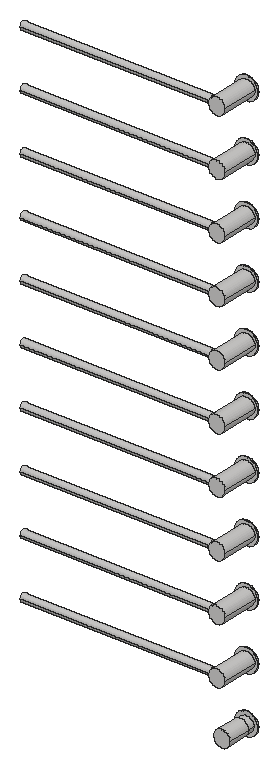
Revit family "T39EL", category Generic Models, Revit 2021
Family settings
  Can host rebar = No
  Round Connector Dimension = Use Diameter
  Part Type = Normal
  Work Plane-Based = No
  Always vertical = Yes
  Cut with Voids When Loaded = No
  Shared = No
  Room Calculation Point = No
Parameters
  e-mail = "info@vola.com"
  URL = "http://vola.com"
  Telephone = "+45 7023 5500"
  Quality management standard = "ISO 9001"
  Organisation no. / DUNS no. = "17531328"
  Occupational health and safety management standard = "ISO 18001"
  Number Of Bars = 10
  Mounting Instructions = "http://vola.com/service/producturl.ashx?name=T39EL"
  Model = "T39EL"
  Min/Max Bar Distance = if(Bar Distance < 100.0000 mm, 100.0000 mm, (if(Bar Distance > 300.0000 mm, 300.0000 mm, Bar Distance)))  # 150.0000 mm
  Max Number Of Bars = if(Number Of Bars > 20, 20, Number Of Bars)  # 10
  Materials and components information = "http://vola.com/service/producturl.ashx?name=T39EL"
  Manufacturer = "VOLA A/S"
  Maintenance Instructions = "http://vola.com/service/producturl.ashx?name=T39EL"
  Guarantee = "2 years"
  Environmental management standard = "ISO 14000"
  Default Elevation = 0.0000 mm
  Connection - All relevant connections = ""
  Bar Distance = 150.0000 mm
  Approvals = "http://vola.com/service/producturl.ashx?name=T39EL"
Reference planes
  plane 1 "Center (Front/Back)": y = 0
  plane 2: z = 0
  plane 3 "Center (Left/Right)": x = 0
  plane 4: z = 150
  plane 5: z = -150
Forms (mm)
  Extrusion 1, solid, material "Stainless Steel"
    sketch origin (0, 0, 0) x (1, 0, 0) y (0, 0, 1)
      loop
        circle (0, 0) r 30
    from 0 to 2
  Extrusion 2, solid, material "Stainless Steel"
    sketch origin (0, -2, 0) x (1, 0, 0) y (0, 0, 1)
      loop
        circle (0, 0) r 21.5
    from 0 to 97
  Extrusion 3, solid, material "Stainless Steel"
    sketch origin (0, 17, 0) x (0, 1, 0) y (0, 0, 1)
      loop
        circle (-99, 0) r 10
    from 0 to -23.5
  Extrusion 4, solid, material "Stainless Steel"
    sketch origin (-23.5, 17, 0) x (0, -1, 0) y (0, 0, 1)
      loop
        circle (99, 0) r 10
    from 0 to 500
  Extrusion 5, solid, material "Stainless Steel"
    sketch origin (0, 0, -200) x (1, 0, 0) y (0, 0, 1)
      loop
        circle (0, 50) r 30
    from 0 to 2
  Extrusion 6, solid, material "Stainless Steel"
    sketch origin (0, -2, -100) x (1, 0, 0) y (0, 0, 1)
      loop
        circle (0, -50) r 19.35
    from 0 to 20
  Extrusion 7, solid, material "Stainless Steel"
    sketch origin (0, -22, -50) x (1, 0, 0) y (0, 0, 1)
      loop
        circle (0, -100) r 21.5
    from 0 to 60
  Extrusion 8, solid, material "Stainless Steel", not visible
    sketch origin (0, 0, 0) x (1, 0, 0) y (0, 0, 1)
      loop
        circle (0, 0) r 30
    from 0 to 2
  Extrusion 9, solid, material "Stainless Steel", not visible
    sketch origin (0, -2, 0) x (1, 0, 0) y (0, 0, 1)
      loop
        circle (0, 0) r 21.5
    from 0 to 97
  Extrusion 10, solid, material "Stainless Steel", not visible
    sketch origin (0, 17, 0) x (0, 1, 0) y (0, 0, 1)
      loop
        circle (-99, 0) r 10
    from 0 to -23.5
  Extrusion 11, solid, material "Stainless Steel", not visible
    sketch origin (-23.5, 17, 0) x (0, -1, 0) y (0, 0, 1)
      loop
        circle (99, 0) r 10
    from 0 to 500
  Extrusion 12, solid, material "Stainless Steel"
    sketch origin (0, 0, 150) x (1, 0, 0) y (0, 0, 1)
      loop
        circle (0, 0) r 30
    from 0 to 2
  Extrusion 13, solid, material "Stainless Steel"
    sketch origin (0, -2, 150) x (1, 0, 0) y (0, 0, 1)
      loop
        circle (0, 0) r 21.5
    from 0 to 97
  Extrusion 14, solid, material "Stainless Steel"
    sketch origin (0, 17, 150) x (0, 1, 0) y (0, 0, 1)
      loop
        circle (-99, 0) r 10
    from 0 to -23.5
  Extrusion 15, solid, material "Stainless Steel"
    sketch origin (-23.5, 17, 150) x (0, -1, 0) y (0, 0, 1)
      loop
        circle (99, 0) r 10
    from 0 to 500
  Extrusion 16, solid, material "Stainless Steel", not visible
    sketch origin (0, 0, -250) x (1, 0, 0) y (0, 0, 1)
      loop
        circle (0, 50) r 30
    from 0 to 2
  Extrusion 17, solid, material "Stainless Steel", not visible
    sketch origin (0, -2, -150) x (1, 0, 0) y (0, 0, 1)
      loop
        circle (0, -50) r 19.35
    from 0 to 20
  Extrusion 18, solid, material "Stainless Steel", not visible
    sketch origin (0, -22, -100) x (1, 0, 0) y (0, 0, 1)
      loop
        circle (0, -100) r 21.5
    from 0 to 60
  Extrusion 19, solid, material "Stainless Steel"
    sketch origin (0, 0, 300) x (1, 0, 0) y (0, 0, 1)
      loop
        circle (0, 0) r 30
    from 0 to 2
  Extrusion 20, solid, material "Stainless Steel"
    sketch origin (0, -2, 300) x (1, 0, 0) y (0, 0, 1)
      loop
        circle (0, 0) r 21.5
    from 0 to 97
  Extrusion 21, solid, material "Stainless Steel"
    sketch origin (0, 17, 300) x (0, 1, 0) y (0, 0, 1)
      loop
        circle (-99, 0) r 10
    from 0 to -23.5
  Extrusion 22, solid, material "Stainless Steel"
    sketch origin (-23.5, 17, 300) x (0, -1, 0) y (0, 0, 1)
      loop
        circle (99, 0) r 10
    from 0 to 500
  Extrusion 23, solid, material "Stainless Steel"
    sketch origin (0, 0, 450) x (1, 0, 0) y (0, 0, 1)
      loop
        circle (0, 0) r 30
    from 0 to 2
  Extrusion 24, solid, material "Stainless Steel"
    sketch origin (0, -2, 450) x (1, 0, 0) y (0, 0, 1)
      loop
        circle (0, 0) r 21.5
    from 0 to 97
  Extrusion 25, solid, material "Stainless Steel"
    sketch origin (0, 17, 450) x (0, 1, 0) y (0, 0, 1)
      loop
        circle (-99, 0) r 10
    from 0 to -23.5
  Extrusion 26, solid, material "Stainless Steel"
    sketch origin (-23.5, 17, 450) x (0, -1, 0) y (0, 0, 1)
      loop
        circle (99, 0) r 10
    from 0 to 500
  Extrusion 27, solid, material "Stainless Steel"
    sketch origin (0, 0, 600) x (1, 0, 0) y (0, 0, 1)
      loop
        circle (0, 0) r 30
    from 0 to 2
  Extrusion 28, solid, material "Stainless Steel"
    sketch origin (0, -2, 600) x (1, 0, 0) y (0, 0, 1)
      loop
        circle (0, 0) r 21.5
    from 0 to 97
  Extrusion 29, solid, material "Stainless Steel"
    sketch origin (0, 17, 600) x (0, 1, 0) y (0, 0, 1)
      loop
        circle (-99, 0) r 10
    from 0 to -23.5
  Extrusion 30, solid, material "Stainless Steel"
    sketch origin (-23.5, 17, 600) x (0, -1, 0) y (0, 0, 1)
      loop
        circle (99, 0) r 10
    from 0 to 500
  Extrusion 31, solid, material "Stainless Steel"
    sketch origin (0, 0, 750) x (1, 0, 0) y (0, 0, 1)
      loop
        circle (0, 0) r 30
    from 0 to 2
  Extrusion 32, solid, material "Stainless Steel"
    sketch origin (0, -2, 750) x (1, 0, 0) y (0, 0, 1)
      loop
        circle (0, 0) r 21.5
    from 0 to 97
  Extrusion 33, solid, material "Stainless Steel"
    sketch origin (0, 17, 750) x (0, 1, 0) y (0, 0, 1)
      loop
        circle (-99, 0) r 10
    from 0 to -23.5
  Extrusion 34, solid, material "Stainless Steel"
    sketch origin (-23.5, 17, 750) x (0, -1, 0) y (0, 0, 1)
      loop
        circle (99, 0) r 10
    from 0 to 500
  Extrusion 35, solid, material "Stainless Steel"
    sketch origin (0, 0, 900) x (1, 0, 0) y (0, 0, 1)
      loop
        circle (0, 0) r 30
    from 0 to 2
  Extrusion 36, solid, material "Stainless Steel"
    sketch origin (0, -2, 900) x (1, 0, 0) y (0, 0, 1)
      loop
        circle (0, 0) r 21.5
    from 0 to 97
  Extrusion 37, solid, material "Stainless Steel"
    sketch origin (0, 17, 900) x (0, 1, 0) y (0, 0, 1)
      loop
        circle (-99, 0) r 10
    from 0 to -23.5
  Extrusion 38, solid, material "Stainless Steel"
    sketch origin (-23.5, 17, 900) x (0, -1, 0) y (0, 0, 1)
      loop
        circle (99, 0) r 10
    from 0 to 500
  Extrusion 39, solid, material "Stainless Steel"
    sketch origin (0, 0, 1050) x (1, 0, 0) y (0, 0, 1)
      loop
        circle (0, 0) r 30
    from 0 to 2
  Extrusion 40, solid, material "Stainless Steel"
    sketch origin (0, -2, 1050) x (1, 0, 0) y (0, 0, 1)
      loop
        circle (0, 0) r 21.5
    from 0 to 97
  Extrusion 41, solid, material "Stainless Steel"
    sketch origin (0, 17, 1050) x (0, 1, 0) y (0, 0, 1)
      loop
        circle (-99, 0) r 10
    from 0 to -23.5
  Extrusion 42, solid, material "Stainless Steel"
    sketch origin (-23.5, 17, 1050) x (0, -1, 0) y (0, 0, 1)
      loop
        circle (99, 0) r 10
    from 0 to 500
  Extrusion 43, solid, material "Stainless Steel"
    sketch origin (0, 0, 1200) x (1, 0, 0) y (0, 0, 1)
      loop
        circle (0, 0) r 30
    from 0 to 2
  Extrusion 44, solid, material "Stainless Steel"
    sketch origin (0, -2, 1200) x (1, 0, 0) y (0, 0, 1)
      loop
        circle (0, 0) r 21.5
    from 0 to 97
  Extrusion 45, solid, material "Stainless Steel"
    sketch origin (0, 17, 1200) x (0, 1, 0) y (0, 0, 1)
      loop
        circle (-99, 0) r 10
    from 0 to -23.5
  Extrusion 46, solid, material "Stainless Steel"
    sketch origin (-23.5, 17, 1200) x (0, -1, 0) y (0, 0, 1)
      loop
        circle (99, 0) r 10
    from 0 to 500
  Extrusion 47, solid, material "Stainless Steel"
    sketch origin (0, 0, 1350) x (1, 0, 0) y (0, 0, 1)
      loop
        circle (0, 0) r 30
    from 0 to 2
  Extrusion 48, solid, material "Stainless Steel"
    sketch origin (0, -2, 1350) x (1, 0, 0) y (0, 0, 1)
      loop
        circle (0, 0) r 21.5
    from 0 to 97
  Extrusion 49, solid, material "Stainless Steel"
    sketch origin (0, 17, 1350) x (0, 1, 0) y (0, 0, 1)
      loop
        circle (-99, 0) r 10
    from 0 to -23.5
  Extrusion 50, solid, material "Stainless Steel"
    sketch origin (-23.5, 17, 1350) x (0, -1, 0) y (0, 0, 1)
      loop
        circle (99, 0) r 10
    from 0 to 500
Cuts and joins
  joined: Extrusion 2, Extrusion 3
  joined: Extrusion 13, Extrusion 14
  joined: Extrusion 20, Extrusion 21
  joined: Extrusion 24, Extrusion 25
  joined: Extrusion 28, Extrusion 29
  joined: Extrusion 32, Extrusion 33
  joined: Extrusion 36, Extrusion 37
  joined: Extrusion 40, Extrusion 41
  joined: Extrusion 44, Extrusion 45
  joined: Extrusion 48, Extrusion 49
Dimensions and locks
  equal spacing: group 1, group 3, group 6, group 7, group 8, group 9, group 10, group 11, group 12, group 13  (x3)
  "Min/Max Bar Distance": plane 4 to level
  "Min/Max Bar Distance": level to plane 5
  aligned and locked: plane 2 to level
  aligned and locked: plane 4 to Extrusion 12
  aligned and locked: plane 4 to Extrusion 13
  aligned and locked: plane 4 to Extrusion 14
  aligned and locked: plane 4 to Extrusion 15
  aligned and locked: plane 5 to Extrusion 5
  aligned and locked: plane 5 to Extrusion 7
  aligned and locked: plane 5 to Extrusion 6
Automatic sketch dimensions
  radius of Extrusion 5 sketch curve = 30.0000 mm
  radius of Extrusion 6 sketch curve to Extrusion 5 = 10.6500 mm
  radius of Extrusion 6 to Extrusion 7 sketch curve = 2.1500 mm
  radius of Extrusion 16 sketch curve = 30.0000 mm
  radius of Extrusion 17 sketch curve to Extrusion 16 = 10.6500 mm
  radius of Extrusion 17 to Extrusion 18 sketch curve = 2.1500 mm
